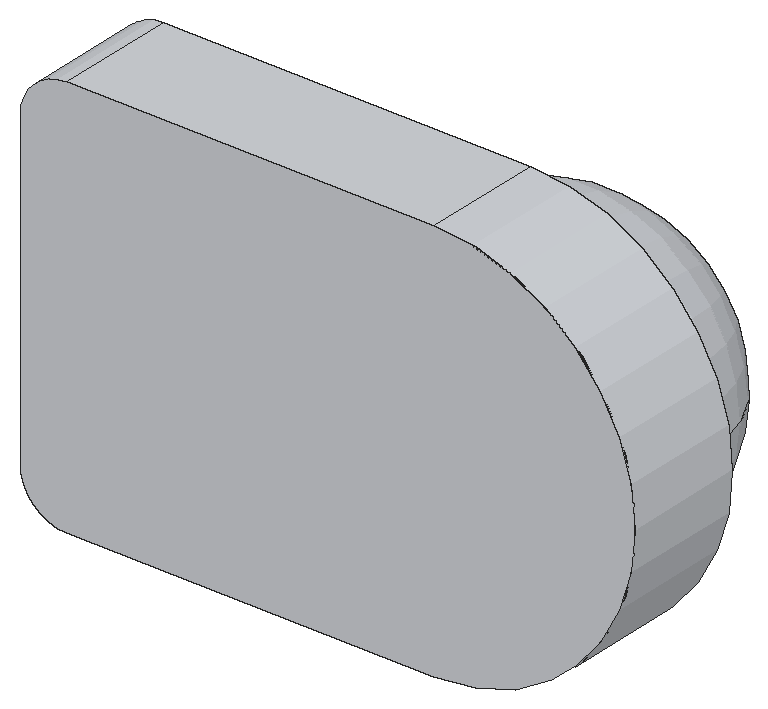
Revit family "252500.04 OSID Sender normal effekt batteri Vegg", category Fire Alarm Devices, Revit 2016
Family settings
  Maintain Annotation Orientation = No
  Part Type = Normal
  Round Connector Dimension = Use Diameter
  OmniClass Number = 23.85.30.21.11.11.11
  OmniClass Title = Smoke Detectors
  Work Plane-Based = No
  Always vertical = Yes
  Cut with Voids When Loaded = No
  Shared = No
  Room Calculation Point = No
Parameters (values of type "Linjedetektor sender")
  Type Comments = "-RY"
  R = CQ Width / 2  # 65 mm
  NVMottaker = no
  NS8360 = "5423_XN3"
  Manufacturer = "Honeywell"
  Keynote = "XN3"
  H1 = R - 10 mm  # 55 mm
  CQ Høyre = no
  CQFontSymboler = "w"
  CQ Venstre = not(CQ Høyre)  # yes
  CQ Type tekst synlig = yes
  CQ Type = "LD"
  CQ Montering tekst synlig [instance] = no
  CQ Montering [instance] = "HIM"
  CQ Material = none
  CQ Width = 130 mm
  CQ Height = 94 mm
  CQ Length = 198 mm
  CQ Coverage Circle Radius = 70000 mm
  CQ Symbol Positive Direction [instance] = yes
  CQ Symbol Offset Side [instance] = 0 mm
  CQ Symbol Offset Out [instance] = 0 mm
  CQ Coverage Circle = no
  CQ 3D Synlig = not(CQ 2D Synlig)  # no
  CQ 2D Synlig = yes
  Assembly Code = "5423"
Reference planes
  plane 1 "Center (Front/Back)": y = 0
  plane 2: z = 0
  plane 3 "Center (Left/Right)": x = 0
  plane 4 "høyre": x = 99
  plane 5 "Venstre": x = -99
  plane 6: x = 89
  plane 7: x = 34
  plane 8: y = 39
  plane 9: z = 65
  plane 10: z = -65
  plane 11: y = 94
Forms (mm)
  Extrusion 1, solid, material <- "CQ Material"
    sketch origin (0, 0, 0) x (1, 0, 0) y (0, 0, 1)
      loop
        arc (-84, 65) -> (-94.607, 60.607) -> (-99, 50) r 15
        line (-99, 50) -> (-99, -50)
        arc (-99, -50) -> (-94.607, -60.607) -> (-84, -65) r 15
        line (-84, -65) -> (34, -65)
        arc (34, -65) -> (99, 0) -> (34, 65) r 65
        line (34, 65) -> (-84, 65)
    from 0 to -39
  Revolve 2, solid, material <- "CQ Material"
    sketch origin (0, 0, 0) x (1, 0, 0) y (0, 1, 0)
      loop
        line (34, 94) -> (34, 39) -> (89, 39)
        arc (89, 39) -> (72.891, 77.891) -> (34, 94) r 55
      axis (34, 94) -> (34, 39)
    angle from 0 to 360
Cuts and joins
  joined: Extrusion 1, Revolve 2
Lines and regions (mm)
  model lines, style "InvisibleLines"
    curve 1: line (0, 0, 0) -> (0, 0, 5)
    curve 2: line (0, 0, 0) -> (0, -5, 0)
Dimensions and locks
  equal spacing: plane 5 "Venstre", plane 3 "Center (Left/Right)", plane 4 "høyre"  (x2)
  "CQ Length": plane 5 "Venstre" to plane 4 "høyre"
  "H1": plane 6 to plane 7
  locked: plane 6 to plane 4 "høyre" at 10
  equal spacing: plane 10, level, plane 9
  "CQ Width": plane 10 to plane 9
  "H1": plane 8 to plane 11
  "CQ Height": plane 1 "Center (Front/Back)" to plane 11
  "R": radius of Extrusion 1 sketch curve
  radius of Extrusion 1 sketch curve = 15 mm  (x2)
  aligned and locked: level to plane 2
  aligned and locked: plane 3 "Center (Left/Right)" to nested 1
  aligned and locked: plane 1 "Center (Front/Back)" to nested 1
  aligned and locked: nested 2 to plane 3 "Center (Left/Right)"
  aligned and locked: nested 2 to plane 1 "Center (Front/Back)"
  aligned and locked: level to curve 1
  aligned and locked: plane 3 "Center (Left/Right)" to curve 1
  aligned and locked: plane 5 "Venstre" to Extrusion 1 sketch curve
  aligned and locked: plane 9 to Extrusion 1 sketch curve
  aligned and locked: Extrusion 1 sketch curve to plane 10
  aligned and locked: plane 8 to Extrusion 1
  aligned and locked: Revolve 2 sketch curve to plane 7
  aligned and locked: Revolve 2 sketch curve to plane 8
  aligned and locked: plane 7 to Extrusion 1 sketch curve
Automatic sketch dimensions
  level to curve 1 = 5 mm
  plane 1 "Center (Front/Back)" to curve 2 = 0 mm
  curve 2 to plane 3 "Center (Left/Right)" = 0 mm
  plane 1 "Center (Front/Back)" to curve 2 = 5 mm
  Revolve 2 sketch curve to plane 7 = 0 mm
  Revolve 2 sketch curve to plane 6 = 0 mm
  plane 11 to Revolve 2 sketch curve = 115 mm
  Revolve 2 sketch curve to Revolve 2 sketch curve = 35 mm
Nested families
  nested 1: "Linjedetektor Symbol" at (0, 0, 0), visible <- "CQ 2D Synlig", type "Type 1"
  nested 2: "Coverage Circle" at (0, 0, 0), visible <- "CQ Coverage Circle", type "Type 1"
Connectors
  electrical at (0, 0, 0)
    settings: index 1, voltage 0 V, apparent load 0 VA, apparent load phase1 0 VA, apparent load phase2 0 VA, apparent load phase3 0 VA, power factor 1, load classification "Other", number of poles 1, system type 11, power factor state 1, is connector primary yes, connector utility no, sub classification motor no, connector description ""
Definition of nested family "Linjedetektor Symbol"
  Parameters (values of type "Type 1")
    Type tekst synlig = yes
    Type = "LD"
    Sender = not(Mottaker)  # no
    Mottaker = yes
    Montering tekst synlig = no
    Montering = "HIM"
    CQ Symbol Positive Direction = yes
    CQ Symbol Negative Direction = not(CQ Symbol Positive Direction)  # no
    CQ Symbol Offset Side = 0 mm
    CQ Symbol Offset Out = 0 mm
  Reference planes
    plane 1: y = 0
    plane 2: x = 0
  Dimensions and locks
    "CQ Symbol Offset Side": nested 2 to plane 2
    "CQ Symbol Offset Side": plane 2 to nested 1
    "CQ Symbol Offset Out": plane 1 to nested 1
    "CQ Symbol Offset Out": plane 1 to nested 2
  Nested families
    nested 1: "Linjedetektor Sub" at (0, 0, 0), visible <- "CQ Symbol Positive Direction", type "Type1"
    nested 2: "Linjedetektor Sub" at (0, 0, 0), visible <- "CQ Symbol Negative Direction", type "Type1"
  Definition of nested family "Linjedetektor Sub"
    Parameters (values of type "Type1")
      Type tekst synlig = yes
      Type = "LD"
      Sender = yes
      Mottaker = yes
      Montering tekst synlig = no
      Montering = "HIM"
    Reference planes
      plane 1: y = 0
      plane 2: x = 0
    Lines and regions (mm)
      detail lines
        curve 1: line (-2.5, -2.5, 0) -> (2.5, -2.5, 0)
        curve 2: line (2.5, -2.5, 0) -> (2.5, 2.5, 0)
        curve 3: line (2.5, 2.5, 0) -> (-2.5, 2.5, 0)
        curve 4: line (-2.5, 2.5, 0) -> (-2.5, -2.5, 0)
        curve 5: circle (-1.25, -1.5, 0) r 0.25 normal (0, 0, 1)
        curve 6: line (-1.25, -0.75, 0) -> (-1, 1.5, 0)
        curve 7: arc (-1, 1.5, 0) -> (-1.25, 1.75, 0) -> (-1.5, 1.5, 0) r 0.25
        curve 8: line (-1.5, 1.5, 0) -> (-1.25, -0.75, 0)
        curve 9: line (-1.25, 0.5, 0) -> (-1.25, 1.5, 0)
        curve 13: line (1.25, -0.83, 0) -> (2, 0.469, 0)
        curve 14: line (1.25, -0.83, 0) -> (0.5, 0.469, 0)
        curve 15: arc (0.189, 0.231, 0) -> (1.25, 0.67, 0) -> (2.311, 0.231, 0) r 1.5
      detail lines, visible <- "Type tekst synlig"
        curve 10: line (-2.5, -4.5, 0) -> (2.5, -4.5, 0)
        curve 11: line (-2.5, -4.5, 0) -> (-2.5, -2.5, 0)
        curve 12: line (2.5, -4.5, 0) -> (2.5, -2.5, 0)
      detail lines, visible <- "Sender"
        curve 16: line (0.198, 1.5, 0) -> (2.298, 1.5, 0)
        curve 17: line (2.298, 1.5, 0) -> (1.396, 2.021, 0)
        curve 18: line (2.298, 1.5, 0) -> (1.396, 0.979, 0)
      detail lines, visible <- "Mottaker"
        curve 19: line (2.298, -1.5, 0) -> (0.198, -1.5, 0)
        curve 20: line (0.198, -1.5, 0) -> (1.101, -2.021, 0)
        curve 21: line (0.198, -1.5, 0) -> (1.101, -0.979, 0)
    Nested families
      nested 1: "txt 1_50" at (3.379, 2.424, 0), visible <- "Montering tekst synlig", Type Name <- "Montering", type "txt"
      nested 2: "txt 1_50" at (-1.901, -3.637, 0), visible <- "Type tekst synlig", Type Name <- "Type", type "txt"
        with Type Name "LD"
    Definition of nested family "txt 1_50"
      Parameters (values of type "txt")
        Type Name [instance] = "HIM"
      Reference planes
        plane 1: y = 0
        plane 2: x = 0
      Text (mm)
        label "TXT" at (1.952, 0, 0), shows "Type Name"
Definition of nested family "Coverage Circle"
  Parameters
    Radius = 3250 mm
  Reference planes
    plane 1 "Center (Front/Back)": y = 0
    plane 2: z = 0
    plane 3 "Center (Left/Right)": x = 0
  Lines and regions (mm)
    detail lines, in view "Ref. Level"
      curve 1: circle (0, 0, 0) r 3250 normal (0, 0, 1)
  Dimensions and locks
    "Radius": radius of curve 1
    aligned and locked: plane 1 "Center (Front/Back)" to curve 1
    aligned and locked: plane 3 "Center (Left/Right)" to curve 1
